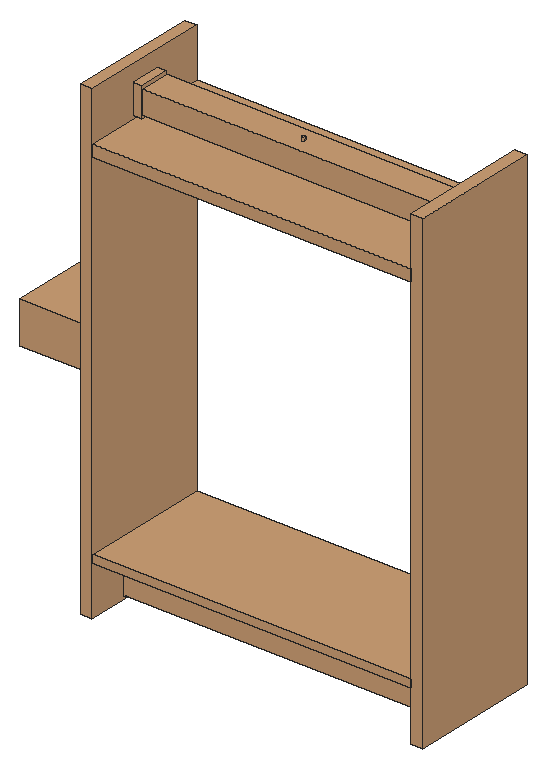
Revit family
Parameters
  Center of Unit = 0' - 0"  # constant formula
  Total Heating Capacity [instance] = 0.0 Btu/h
  Series = "VIFB"
  Outlet Area = 22.30 SF
  Lower Frame Thickness = if(Headers Height = 0' 3", 0' 1 1/4", if(Headers Height = 0' 3 1/4", 0' 1 1/4", 0' 0"))  # 0' - 1 1/4"
  Water Pressure Drop [instance] = 0.00 psi
  Water Flow [instance] = 0 GPM
  Unit Weight (lbs) = 735
  URL = "http://www.ljwing.com/"
  Water Outlet Radius = 0' - 1 1/2"
  Headers Height = if(M = 0' 1", 0' 3", if(M = 0' 1 1/2", 0' 3 1/4", 0' 0"))  # 0' - 3"
  Number of Rows = 2  # constant formula
  Number of Coils [instance] = 0
  Nominal Length = 4' - 9 5/8"
  N = 1' - 0 3/4"
  Model = "VD-5W"
  Manufacturer = "LJ Wing"
  M = 0' - 1"
  Leaving Water Temperature [instance] = 0 °F
  Leaving Air Temperature [instance] = 0 °F
  Entering Water Temperature [instance] = 0 °F
  Entering Air Temperature [instance] = 0 °F
  Description = "Vertical Integral Face & Bypass Water Heating Coils"
  Hot Water Inlet  Radius = 0' - 1 1/2"
  Coil Face Area = Outlet Area * 0.56  # 12.488 SF
  Casing Material = ""
  Assembly Code = "D3020300"
  Air Vent Radius = 0' - 0 1/4"
  Air Pressure Drop [instance] = 0.00 in-wg
  Air Inlet Width = Nominal Length - 0' 4"  # 4' - 5 5/8"
  Air Inlet Height = Y  # 5' - 0"
  Air Flow [instance] = 0 CFM
  Y = 5' - 0"
  S = 0' - 9 3/4"  # constant formula
  Product URL = "http://www.ljwing.com/html/vifb.asp"
  OmniClass = "23-75 70 21 14 "
  Nominal Height = 6' - 8"
  Nominal Depth = 1' - 10"
  R = 0' - 10 1/4"  # constant formula
  Q = 0' - 4 13/16"
Reference planes (in)
  plane 1 "Center (Front/Back)": y = 0
  plane 2: z = -30
  plane 3 "Center (Left/Right)": x = 0
  plane 4: z = 40.25
  plane 5: x = -28.8125
  plane 6: x = 28.8125
  plane 7: z = -39.75
  plane 8: z = 0
  plane 9: y = -11
  plane 10: y = 11
  plane 11: z = 30
  plane 12: z = 32
  plane 13: z = -31.25
  plane 14: x = 26.8125
  plane 15: x = -26.8125
  plane 16: x = -24
  plane 17: x = 24
  plane 18: y = 14.0625
  plane 19: x = -39.8125
  plane 20: z = 37.125
  plane 21: z = 33.125
  plane 22: y = -2.5
  plane 23: y = 2.5
  plane 24: y = -4.5
  plane 25: z = -37.375
  plane 26: x = -16.0625
  plane 27: x = 16.0625
  plane 28: z = -33.375
Forms (in)
  Extrusion 1, solid, material "Painted Finish"
    sketch origin (0, 6, -9.75) x (1, 0, 0) y (0, 0, 1)
      loop
        line (-28.8125, -30) -> (-26.8125, -30) -> (-26.8125, 50) -> (-28.8125, 50) -> (-28.8125, -30)
      loop
        line (28.8125, -30) -> (28.8125, 50) -> (26.8125, 50) -> (26.8125, -30) -> (28.8125, -30)
    from -5 to 17
  Extrusion 2, solid, material "Painted Finish"
    sketch origin (0, 6, 0) x (1, 0, 0) y (0, 0, 1)
      loop
        line (26.8125, -30) -> (-26.8125, -30) -> (-26.8125, -31.25) -> (26.8125, -31.25) -> (26.8125, -30)
      loop
        line (26.8125, 30) -> (26.8125, 32) -> (-26.8125, 32) -> (-26.8125, 30) -> (26.8125, 30)
    from -5 to 17
  Extrusion 3, solid, material "Painted Finish"
    sketch origin (0, 10, -0.5) x (1, 0, 0) y (0, 0, 1)
      loop
        line (-28.8125, 4) -> (-39.8125, 4) -> (-39.8125, -3) -> (-28.8125, -3) -> (-28.8125, 4)
    from 0 to 20
  Extrusion 4, solid, material "Painted Finish"
    sketch origin (0, 6, 0) x (1, 0, 0) y (0, 0, 1)
      loop
        line (-25.1875, 37.125) -> (-25.1875, 33.125) -> (25.1875, 33.125) -> (25.1875, 37.125) -> (-25.1875, 37.125)
    from 3.5 to 8.5
  Extrusion 5, solid, material "Painted Finish"
    sketch origin (0, 0, 0) x (1, 0, 0) y (0, 0, 1)
      loop
        line (-25.1875, 32.625) -> (-25.1875, 37.625) -> (-26.8125, 37.625) -> (-26.8125, 32.625) -> (-25.1875, 32.625)
      loop
        line (26.8125, 32.625) -> (26.8125, 37.625) -> (25.1875, 37.625) -> (25.1875, 32.625) -> (26.8125, 32.625)
    from -2.5 to 2.5
  Extrusion 6, solid, material "Painted Finish"
    sketch origin (0, 6, 0) x (1, 0, 0) y (0, 0, 1)
      loop
        line (-26.3125, -31.875) -> (-26.3125, -31.625) -> (-26.8125, -31.625) -> (-26.8125, -35.125) -> (-26.3125, -35.125) -> (-26.3125, -34.875) -> (26.3125, -34.875) -> (26.3125, -35.125) -> (26.8125, -35.125) -> (26.8125, -31.625) -> (26.3125, -31.625) -> (26.3125, -31.875) -> (-26.3125, -31.875)
      loop
        line (26.3125, -38.875) -> (26.3125, -39.125) -> (26.8125, -39.125) -> (26.8125, -35.625) -> (26.3125, -35.625) -> (26.3125, -35.875) -> (-26.3125, -35.875) -> (-26.3125, -35.625) -> (-26.8125, -35.625) -> (-26.8125, -39.125) -> (-26.3125, -39.125) -> (-26.3125, -38.875) -> (26.3125, -38.875)
    from -5 to 10.5
  Extrusion 7, void
    sketch origin (0, 0, 0) x (1, 0, 0) y (0, 0, 1)
      loop
        line (-26.8125, 30) -> (-26.8125, -30) -> (26.8125, -30) -> (26.8125, 30) -> (-26.8125, 30)
    from -11 to 11
  Extrusion 8, solid, material "Painted Finish"
    sketch origin (0, 0, 0) x (1, 0, 0) y (0, 0, 1)
      loop
        circle (16.0625, -37.375) r 1
      loop
        circle (-16.0625, -33.375) r 1
    from -14.0625 to -11
  Extrusion 9, solid, material "Painted Finish"
    sketch origin (0, 0, 0) x (1, 0, 0) y (0, 1, 0)
      loop
        circle (0, 0) r 0.25
    from 37.125 to 37.625
Cuts and joins
  Extrusion 7 cuts Extrusion 1
  Extrusion 7 cuts Extrusion 2
Dimensions and locks (in)
  "Nominal Length": plane 6 to plane 5
  equal spacing: plane 6, plane 3 "Center (Left/Right)", plane 5
  "S": plane 2 to plane 7
  "Nominal Depth": plane 10 to plane 9
  equal spacing: plane 10, plane 1 "Center (Front/Back)", plane 9
  "Y": plane 11 to plane 2
  "R": plane 4 to plane 11
  locked: plane 12 to plane 11 at 2
  "Lower Frame Thickness": plane 2 to plane 13
  "Q": plane 16 to plane 5
  "Q": plane 6 to plane 17
  locked: plane 18 to plane 10 at 3.0625
  locked: plane 5 to plane 19 at 11
  locked: Extrusion 3 sketch curve to Extrusion 3 sketch curve at 7
  locked: Extrusion 3 to Extrusion 3 at 20
  locked: plane 6 to plane 14 at 2
  locked: plane 15 to plane 5 at 2
  locked: Extrusion 5 sketch curve to plane 20 at 0.5
  locked: plane 21 to Extrusion 5 sketch curve at 0.5
  locked: plane 20 to plane 21 at 4
  locked: plane 23 to plane 22 at 5
  equal spacing: plane 23, plane 1 "Center (Front/Back)", plane 22
  locked: plane 22 to plane 24 at 2
  plane 4 to plane 7 = 6' - 8"
  locked: Extrusion 5 sketch curve to Extrusion 1 at 1.625
  locked: Extrusion 5 sketch curve to Extrusion 5 sketch curve at 1.625
  locked: Extrusion 7 sketch curve to plane 11 at 0
  locked: Extrusion 7 sketch curve to plane 15 at 0
  locked: Extrusion 7 sketch curve to plane 14 at 0
  locked: plane 15 to Extrusion 6 sketch curve at 0.5
  locked: Extrusion 6 sketch curve to Extrusion 6 sketch curve at 0.25  (x2)
  locked: plane 25 to plane 7 at 2.375
  "N": plane 26 to plane 5
  "N": plane 6 to plane 27
  locked: plane 28 to plane 7 at 6.375
  "Headers Height": Extrusion 6 sketch curve to Extrusion 6 sketch curve  (x2)
  locked: Extrusion 8 sketch curve to plane 25 at 0
  locked: Extrusion 8 sketch curve to plane 28 at 0
  locked: Extrusion 9 sketch curve to plane 1 "Center (Front/Back)" at 0
  locked: Extrusion 9 sketch curve to plane 3 "Center (Left/Right)" at 0
  equal spacing: Extrusion 6 sketch curve, plane 28, Extrusion 6 sketch curve
  equal spacing: Extrusion 6 sketch curve, plane 25, Extrusion 6 sketch curve
  locked: plane 4 to plane 20 at 3.125
  locked: Extrusion 7 sketch curve to plane 2 at 0
  equal spacing: plane 11, plane 8, plane 2
  locked: Extrusion 8 sketch curve to plane 27 at 0
  locked: Extrusion 8 sketch curve to plane 26 at 0
  "M": radius of Extrusion 8 sketch curve  (x2)
  "Air Vent Radius": radius of Extrusion 9 sketch curve
  aligned and locked: Extrusion 1 to plane 9
  aligned and locked: Extrusion 1 to plane 10
  aligned and locked: Extrusion 1 to plane 15
  aligned and locked: Extrusion 1 to plane 14
  aligned and locked: Extrusion 2 to plane 9
  aligned and locked: plane 9 to Extrusion 1
  aligned and locked: plane 10 to Extrusion 1  (x2)
  aligned and locked: Extrusion 2 to plane 10
  aligned and locked: plane 10 to Extrusion 2  (x2)
  aligned and locked: plane 9 to Extrusion 2  (x2)
  aligned and locked: plane 5 to Extrusion 3
  aligned and locked: Extrusion 5 sketch curve to plane 15
  aligned and locked: Extrusion 5 sketch curve to Extrusion 4
  aligned and locked: Extrusion 1 to Extrusion 6
  aligned and locked: plane 22 to Extrusion 5
  aligned and locked: Extrusion 5 to Extrusion 4  (x2)
  aligned and locked: Extrusion 5 to plane 23
  aligned and locked: Extrusion 6 to plane 24
  aligned and locked: Extrusion 4 to Extrusion 5  (x2)
  aligned and locked: Extrusion 5 to Extrusion 1  (x2)
  aligned and locked: Extrusion 1 to Extrusion 7  (x2)
  aligned and locked: plane 18 to Extrusion 8
  aligned and locked: Extrusion 8 to plane 10
  aligned and locked: plane 20 to Extrusion 9
  aligned and locked: Extrusion 9 to Extrusion 5
  aligned and locked: plane 2 to cut or joined group of Extrusion 2, Extrusion 7
  aligned and locked: Extrusion 1 sketch curve to plane 6
  aligned and locked: Extrusion 1 sketch curve to plane 14
  aligned and locked: Extrusion 1 sketch curve to plane 15
  aligned and locked: Extrusion 1 sketch curve to plane 5
  aligned and locked: Extrusion 1 sketch curve to plane 4  (x2)
  aligned and locked: plane 7 to Extrusion 1 sketch curve  (x2)
  aligned and locked: Extrusion 2 sketch curve to plane 11
  aligned and locked: Extrusion 2 sketch curve to plane 12
  aligned and locked: plane 2 to Extrusion 2 sketch curve
  aligned and locked: Extrusion 2 sketch curve to plane 13
  aligned and locked: Extrusion 2 sketch curve to plane 14  (x2)
  aligned and locked: Extrusion 2 sketch curve to plane 15  (x2)
  aligned and locked: plane 20 to Extrusion 4 sketch curve
  aligned and locked: Extrusion 4 sketch curve to plane 21
  aligned and locked: plane 14 to Extrusion 6 sketch curve
  aligned and locked: Extrusion 6 sketch curve to plane 14
  aligned and locked: Extrusion 6 sketch curve to plane 15  (x2)
Automatic sketch dimensions
  Extrusion 3 sketch curve to plane 19 = 0' - 0"
  Extrusion 3 sketch curve to plane 5 = 0' - 0"
  plane 8 to Extrusion 3 sketch curve = 0' - 3 1/2"
  Extrusion 4 sketch curve to plane 16 = 0' - 1 3/16"
  plane 17 to Extrusion 4 sketch curve = 0' - 1 3/16"
  plane 21 to Extrusion 5 sketch curve = 0' - 0 1/2"
  Extrusion 5 sketch curve to plane 20 = 0' - 0 1/2"
  plane 15 to Extrusion 6 sketch curve = 0' - 0 1/2"  (x2)
  Extrusion 6 sketch curve to Extrusion 6 sketch curve = 0' - 0 1/4"  (x5)
  Extrusion 6 sketch curve to Extrusion 6 sketch curve = 0' - 0"  (x2)
  Extrusion 6 sketch curve to plane 14 = 0' - 0 1/2"  (x2)
  Extrusion 6 sketch curve to Extrusion 6 sketch curve = 0' - 0 1/2"
  Extrusion 6 sketch curve to plane 7 = 0' - 0 5/8"
Connectors (in)
  hvac at (0, -11, 0), driven by "Air Inlet Height", driven by "Air Inlet Width", driven by "Air Flow", driven by "Air Pressure Drop"
    settings: on Extrusion 7, index 1
  hvac at (0, 11, 0), driven by "Air Pressure Drop", driven by "Air Inlet Height", driven by "Air Inlet Width", driven by "Air Flow"
    settings: on Extrusion 7, index 2
  piping at (-16.0625, 14.0625, -33.375), driven by "M", driven by "Water Flow", driven by "Water Pressure Drop"
    settings: on Extrusion 8, index 4
  piping at (16.0625, 14.0625, -37.375), driven by "Water Pressure Drop", driven by "Water Flow", driven by "M"
    settings: on Extrusion 8, index 5
